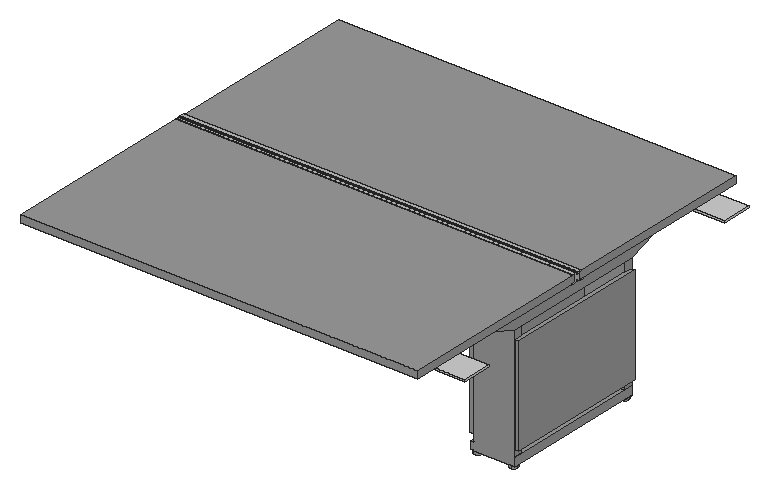
Revit family "Haworth_Epure_Benches_withColumnLegs_DoubleIntermediaryModule_EU_PRELIMINARY", category Furniture, Revit 2019
Family settings
  OmniClass Number = 23.40.70.14.64.11
  OmniClass Title = Office Furniture
  Work Plane-Based = No
  Always vertical = Yes
  Cut with Voids When Loaded = No
  Shared = No
  Room Calculation Point = No
Parameters (values of type "200 x 200")
  Worksurface Width = "120, 140, 160, 180, 200 cm"  # constant formula
  Worksurface Depth = "160, 180, 200 cm"  # constant formula
  Warranty = "http://www.haworth.com/resources/product-info/warranties"
  Void Depth = if(Rectangle, 0 cm, 3 cm)  # 0 cm
  URL - Product = "https://www.haworth.com/eu/en/products/office-desks/epure-01.html"
  Type Comments = ""
  URL = "https://www.haworth.com/eu/en.html"
  Trim Finish = Haworth _ Metal _ Structured White EC
  Top Finish [instance] = Haworth _ Laminate _ Undecided _ Tables
  Size = "Verify Final Dim.w/ Haworth"  # constant formula
  Scallop = not(Rectangle)  # no
  Round Cable Outlet = no
  Revision Number = "1"  # constant formula
  Rectangle = yes
  No Accessory Kit = not(or(Accessory Kit, Cable Tray Double, Cable Tray Single, Flip Top Cable Outlet, Round Cable Outlet))  # yes
  Model = "EUB4CXXXX"  # constant formula
  Manufacturer = "Haworth"  # constant formula
  Leg Height = Actual Height - 3.5 cm  # 69.5 cm
  Front Finish [instance] = Haworth _ Laminate _ Undecided _ Storage
  Flip Top Finish = Haworth _ Paint _ Metallic Silver
  Flip Top Cable Outlet = no
  Description = "Haworth - Epure - Benches - Bench with Column Leg - Double Intermediary Module"  # constant formula
  Depth = if(Central Rail, Actual Depth / 2 - 1 cm, Actual Depth / 2)  # 99 cm
  Central Rail = yes
  Cable Tray Width = Actual Width - 60 cm  # 140 cm
  Cable Tray Single = no
  Cable Tray Double = no
  Base Finish [instance] = Haworth _ Polymer _ Undecided
  Author = "Haworth (Abd Rahman)"  # constant formula
  Assembly Code = "E2020200"
  Adjustable [instance] = yes
  Actual Width = 200 cm
  Actual Height = 73 cm  # constant formula
  Actual Depth = 200 cm
  Accessory Kit = no
Reference planes (cm)
  plane 1 "Center F/B": y = 17.4526
  plane 2: z = 0
  plane 3 "Center L/R": x = 11.43
  plane 4 "Top": z = 73
  plane 5 "Left": x = -88.57
  plane 6 "Right": x = 111.43
  plane 7 "Back": y = 117.4526
  plane 8 "Front": y = -82.5474
  plane 9: y = 106.4526
  plane 10: y = -71.5474
  plane 11: z = 70.5
  plane 12: z = 69.5
  plane 13: x = -73.57
  plane 14: x = 96.43
Dimensions and locks (cm)
  "Actual Height": plane 4 "Top" to level
  equal spacing: plane 7 "Back", plane 1 "Center F/B", plane 8 "Front"
  "Actual Depth": plane 7 "Back" to plane 8 "Front"
  equal spacing: plane 5 "Left", plane 3 "Center L/R", plane 6 "Right"
  "Actual Width": plane 5 "Left" to plane 6 "Right"
  plane 4 "Top" to plane 11 to plane 12 = 2.5 cm locked, 1 cm locked
  locked: plane 7 "Back" to plane 9 at 11
  locked: plane 8 "Front" to plane 10 at 11
  plane 5 "Left" to plane 13 = 15 cm
  locked: plane 14 to plane 6 "Right" at 15
  aligned and locked: plane 3 "Center L/R" to nested 1
  aligned and locked: plane 12 to nested 1
  aligned and locked: plane 3 "Center L/R" to nested 3
  aligned and locked: nested 2 to plane 13
  aligned and locked: plane 4 "Top" to nested 2
  aligned and locked: nested 3 to plane 4 "Top"
  aligned and locked: nested 1 to plane 8 "Front"
  aligned and locked: nested 5 to plane 3 "Center L/R"
  aligned and locked: nested 5 to plane 7 "Back"
  aligned and locked: nested 5 to plane 12
  aligned and locked: plane 3 "Center L/R" to nested 4
  aligned and locked: nested 4 to plane 1 "Center F/B"
  aligned and locked: nested 4 to plane 12
  aligned and locked: nested 4 to nested 3
  aligned and locked: nested 6 to plane 3 "Center L/R"
  aligned and locked: nested 6 to nested 4
  aligned and locked: plane 4 "Top" to nested 6
  aligned and locked: nested 2 to nested 4
  aligned and locked: nested 7 to nested 4
  aligned and locked: nested 7 to plane 14
  aligned and locked: plane 4 "Top" to nested 7
  aligned and locked: plane 1 "Center F/B" to nested 8
  aligned and locked: nested 9 to nested 4
  aligned and locked: nested 10 to nested 4
  aligned and locked: plane 3 "Center L/R" to nested 9
  aligned and locked: plane 3 "Center L/R" to nested 8
  aligned and locked: plane 3 "Center L/R" to nested 10
  aligned and locked: nested 10 to plane 12
  aligned and locked: nested 9 to plane 12
  aligned and locked: nested 8 to plane 12
  aligned and locked: level to nested 11
  aligned and locked: plane 1 "Center F/B" to nested 11
  aligned and locked: nested 11 to plane 6 "Right"
  aligned and locked: plane 9 to nested 12
  aligned and locked: plane 10 to nested 13
  aligned and locked: plane 6 "Right" to nested 13
  aligned and locked: plane 6 "Right" to nested 12
  aligned and locked: nested 13 to plane 12
  aligned and locked: nested 12 to plane 12
Nested families (cm)
  nested 1: "Haworth_A_Wood_Top_Rectangular-PART" at (170.2444, 38.0136, 0), Top Finish <- "Top Finish", type "A_Wood Top Rectangular - PART"
    with Top Finish Haworth _ Laminate _ Undecided _ Tables, Void Depth 0 cm, Scallop no, Rounded Corners no, Rectangle yes, Actual Width 200 cm, Actual Depth 99 cm
  nested 2: "Haworth_Grommet-PART" at (-57.8841, 38.6626, 20.7768), visible <- "Round Cable Outlet", type "Cable Outlet"
  nested 3: "Haworth-Flip Top" at (9.9813, 28.3193, -7), visible <- "Flip Top Cable Outlet", type "Flip Top - Visio"
    with Actual Width 30 cm, Actual Depth 15 cm
  nested 4: "Haworth_A_Wood_Accessories_CentralRail_PART" at (170.2444, 67.0136, 0.125), visible <- "Central Rail", type "A_Wood Rail - PART"
  nested 5: "Haworth_A_Wood_Top_Rectangular-PART" at (170.2444, -3.1083, 0), Top Finish <- "Top Finish", type "A_Wood Top Rectangular - PART"
    with Top Finish Haworth _ Laminate _ Undecided _ Tables, Void Depth 0 cm, Scallop no, Rounded Corners no, Rectangle yes, Actual Width 200 cm, Actual Depth 99 cm
  nested 6: "Haworth-Flip Top" at (9.9813, 6.586, -7), visible <- "Flip Top Cable Outlet", type "Flip Top - Visio"
    with Actual Width 30 cm, Actual Depth 15 cm
  nested 7: "Haworth_Grommet-PART" at (80.7441, -3.7574, 20.7768) x (-1, 0, 0) z (0, 0, 1), visible <- "Round Cable Outlet", type "Cable Outlet"
  nested 8: "Haworth_Tibas_CableManagement_CableTrayDouble-PART" at (27.1159, 46.6626, 24.8), visible <- "Cable Tray Double", Cable Tray Finish <- "Flip Top Finish", type "Cable Tray Double"
    with Cable Tray Finish Haworth _ Paint _ Metallic Silver, Actual Width 140 cm
  nested 9: "Haworth_Tibas_CableManagement_CableTraySingle-PART" at (27.1159, 34.1626, 21.14), visible <- "Cable Tray Single", Cable Tray Finish <- "Flip Top Finish", type "Cable Tray Single"
    with Cable Tray Finish Haworth _ Paint _ Metallic Silver, Actual Width 140 cm
  nested 10: "Haworth_Tibas_CableManagement_CableTraySingle-PART" at (27.1159, 59.1626, 21.14), visible <- "Cable Tray Single", Cable Tray Finish <- "Flip Top Finish", type "Cable Tray Single"
    with Cable Tray Finish Haworth _ Paint _ Metallic Silver, Actual Width 140 cm
  nested 11: "Haworth_Epure_ColumnLeg_PART" at (121.7484, 65.0392, 0), Leg Finish <- "Base Finish", type "Epure - Column Leg - PART"
    with Leg Finish Haworth _ Polymer _ Undecided
  nested 12: "Haworth_Epure_Accessories_LinkingPlate_PART" at (157.2444, 152.5136, -1), type "Epure Linking Plate - PART"
    with Actual Width 30 cm, Actual Depth 15 cm
  nested 13: "Haworth_Epure_Accessories_LinkingPlate_PART" at (157.2444, -10.4864, -1), type "Epure Linking Plate - PART"
    with Actual Width 30 cm, Actual Depth 15 cm
Definition of nested family "Haworth_A_Wood_Top_Rectangular-PART"
  Parameters (values of type "A_Wood Top Rectangular - PART")
    Warranty = "https://www.haworth.com/resources/product-info/warranties"
    Void Depth = 15 cm
    URL - Product = ""
    Top Finish [instance] = none
    Thickness = 3.5 cm
    Squared Corners = yes
    Scallop = yes
    Rounded Corners = yes
    Rectangle = no
    Model = "Haworth - A_Wood"  # constant formula
    Description = "Haworth - A_Wood - Rectangular - Top - PART"  # constant formula
    URL = ""
    Revision Number = "1"  # constant formula
    Manufacturer = "Haworth"  # constant formula
    Author = "Haworth (Abd Rahman)"  # constant formula
    Assembly Code = "E2020200"
    Actual Width = 120 cm
    Actual Depth = 100 cm
  Reference planes (cm)
    plane 1 "Bottom": z = 0
    plane 2 "Top": z = 73
    plane 3 "Top Bottom": z = 69.5
    plane 4: x = -218.8144
    plane 5 "Right": x = -98.8144
    plane 6: y = -21.0609
    plane 7 "Front": y = -121.0609
    plane 8: x = -158.8144
    plane 9: y = -71.0609
    plane 10: y = -36.0609
    plane 11: x = -194.8144
    plane 12: x = -122.8144
  Forms (cm)
    Extrusion 1, solid, material <- "Top Finish", visible <- "Squared Corners"
      sketch origin (0, 0, 0) x (1, 0, 0) y (0, 1, 0)
        loop
          line (-218.8144, -21.0609) -> (-218.8144, -121.0609) -> (-98.8144, -121.0609) -> (-98.8144, -21.0609) -> (-218.8144, -21.0609)
      from 69.5 to 73
    Extrusion 2, solid, material <- "Top Finish", visible <- "Rounded Corners"
      sketch origin (0, 0, 0) x (1, 0, 0) y (0, 1, 0)
        loop
          arc (-214.8144, -21.0609) -> (-217.6428, -22.2325) -> (-218.8144, -25.0609) r 4
          line (-218.8144, -25.0609) -> (-218.8144, -117.0609)
          arc (-218.8144, -117.0609) -> (-217.6428, -119.8893) -> (-214.8144, -121.0609) r 4
          line (-214.8144, -121.0609) -> (-102.8144, -121.0609)
          arc (-102.8144, -121.0609) -> (-99.9859, -119.8893) -> (-98.8144, -117.0609) r 4
          line (-98.8144, -117.0609) -> (-98.8144, -25.0609)
          arc (-98.8144, -25.0609) -> (-99.9859, -22.2325) -> (-102.8144, -21.0609) r 4
          line (-102.8144, -21.0609) -> (-214.8144, -21.0609)
      from 69.5 to 73
    Extrusion 3, void
      sketch origin (0, 0, 0) x (1, 0, 0) y (0, 1, 0)
        loop
          line (-194.8144, -21.0609) -> (-189.1575, -36.0609) -> (-128.4712, -36.0609) -> (-122.8144, -21.0609) -> (-194.8144, -21.0609)
      from 0 to 182.4895
  Cuts and joins
    Extrusion 3 cuts Extrusion 2
    Extrusion 3 cuts Extrusion 1
  Lines and regions (cm)
    Masking region 1, visible <- "Squared Corners"
      outline origin (0, 0, 0) x (1, 0, 0) y (0, 1, 0)
        loop
          line (-218.8144, -21.0609) -> (-218.8144, -121.0609) -> (-98.8144, -121.0609) -> (-98.8144, -21.0609) -> (-218.8144, -21.0609)
    Masking region 2
      outline origin (0, -0.1905, 0) x (1, 0, 0) y (0, 1, 0)
        loop
          arc (-215.1194, -20.8704) -> (-217.7534, -22.199) -> (-218.8144, -24.9517) r 4.1015
          line (-218.8144, -24.9517) -> (-218.8144, -117.0498)
          arc (-218.8144, -117.0498) -> (-217.6953, -119.7514) -> (-214.9938, -120.8704) r 3.8205
          line (-214.9938, -120.8704) -> (-102.6349, -120.8704)
          arc (-102.6349, -120.8704) -> (-99.9334, -119.7514) -> (-98.8144, -117.0498) r 3.8205
          line (-98.8144, -117.0498) -> (-98.8144, -24.9517)
          arc (-98.8144, -24.9517) -> (-99.8753, -22.199) -> (-102.5093, -20.8704) r 4.1015
          line (-102.5093, -20.8704) -> (-215.1194, -20.8704)
  Dimensions and locks (cm)
    equal spacing: plane 4, plane 8, plane 5 "Right"
    equal spacing: plane 6, plane 9, plane 7 "Front"
    "Actual Depth": plane 7 "Front" to plane 6
    "Actual Width": plane 4 to plane 5 "Right"
    plane 2 "Top" to plane 3 "Top Bottom" = 3.5 cm  (x2)
    "Thickness": plane 2 "Top" to plane 3 "Top Bottom"
    locked: plane 4 to plane 11 at 24
    locked: plane 12 to plane 5 "Right" at 24
    "Void Depth": plane 10 to plane 6
    aligned and locked: Extrusion 1 sketch curve to plane 5 "Right"
    aligned and locked: Extrusion 1 sketch curve to plane 6
    aligned and locked: plane 4 to Extrusion 1 sketch curve
    aligned and locked: Extrusion 1 sketch curve to plane 7 "Front"
    aligned and locked: plane 2 "Top" to Extrusion 1
    aligned and locked: Extrusion 1 to plane 3 "Top Bottom"
    aligned and locked: Masking region 1 sketch curve to plane 5 "Right"
    aligned and locked: Masking region 1 sketch curve to plane 6
    aligned and locked: plane 4 to Masking region 1 sketch curve
    aligned and locked: Masking region 1 sketch curve to plane 7 "Front"
    aligned and locked: plane 6 to Masking region 2
    aligned and locked: plane 5 "Right" to Masking region 2
    aligned and locked: plane 7 "Front" to Extrusion 2
    aligned and locked: plane 7 "Front" to Masking region 2
    aligned and locked: Masking region 2 to plane 4
    aligned and locked: plane 10 to Extrusion 3 sketch curve
    aligned and locked: plane 6 to Extrusion 3 sketch curve
  Automatic sketch dimensions
    Extrusion 2 sketch curve to plane 4 = 0 cm
    plane 7 "Front" to Extrusion 2 sketch curve = 0 cm
    Extrusion 2 sketch curve to plane 6 = 0 cm
    Extrusion 2 sketch curve to plane 5 "Right" = 0 cm
    plane 4 to Extrusion 2 sketch curve = 4 cm  (x2)
    Extrusion 2 sketch curve to plane 5 "Right" = 4 cm  (x2)
    plane 4 to Masking region 2 sketch curve = 0 cm
    Masking region 2 sketch curve to plane 7 "Front" = 0 cm
    Masking region 2 sketch curve to plane 5 "Right" = 0 cm
    Masking region 2 sketch curve to plane 6 = 0 cm
    plane 4 to Masking region 2 sketch curve = 3.6949 cm
    Masking region 2 sketch curve to Masking region 2 sketch curve = 4.1015 cm
    Masking region 2 sketch curve to Masking region 2 sketch curve = 3.8205 cm
    Masking region 2 sketch curve to plane 5 "Right" = 3.8205 cm
    Masking region 2 sketch curve to plane 5 "Right" = 4.1015 cm
    Masking region 2 sketch curve to plane 5 "Right" = 3.6949 cm
    Extrusion 3 sketch curve to plane 11 = 0 cm  (x2)
    Extrusion 3 sketch curve to plane 6 = 0 cm  (x2)
    Extrusion 3 sketch curve to plane 12 = 0 cm  (x2)
    Extrusion 3 sketch curve to plane 11 = 5.6569 cm
    plane 12 to Extrusion 3 sketch curve = 5.6569 cm
Definition of nested family "Haworth_Grommet-PART"
  Parameters (values of type "Cable Outlet")
    Warranty = "http://www.haworth.com/resources/product-info/warranties"
    Vertical = no
    URL = "www.haworth.com"
    Trim Finish = none
    Size = "Verify Final Dim. w/ Haworth"  # constant formula
    Revision Number = "1"  # constant formula
    Model = "X742"  # constant formula
    Manufacturer = "Haworth"  # constant formula
    Horizontal = yes
    Description = "Haworth - Cable Outlet - 25mm"  # constant formula
    Author = "Haworth (Abd Rahman)"  # constant formula
    Assembly Code = "E2020200"
    Actual Width = 9 cm  # constant formula
    Actual Height = 0.2 cm  # constant formula
    Actual Depth = 9 cm  # constant formula
  Reference planes (cm)
    plane 1: z = 52.2232
    plane 2 "Center L/R": x = -15.6859
    plane 3 "Center F/B": y = -29.21
    plane 4 "Top": z = 52.4232
    plane 5 "Back": y = -24.71
    plane 6 "Front": y = -33.71
    plane 7 "Right": x = -11.1859
    plane 8 "Left": x = -20.1859
    plane 9: x = -15.505
  Forms (cm)
    Revolve 1, solid, material <- "Trim Finish", visible <- "Vertical"
      sketch origin (-67.9273, -29.21, 36.6305) x (0, 0, 1) y (1, 0, 0)
        loop
          line (15.6859, 52.4223) -> (11.5684, 52.4223)
          arc (11.5684, 52.4223) -> (11.398, 52.3576) -> (11.2576, 52.2414) r 0.557
          line (11.2576, 52.2414) -> (15.6859, 52.2414) -> (15.6859, 52.4223)
        axis (15.6859, 52.4223) -> (15.6859, 52.2414)
      angle from 0 to 360
    Extrusion 2, void
      sketch origin (-67.9273, 0.0749, 36.6305) x (0, 0, -1) y (0, 1, 0)
        loop
          line (-17.5569, -26.0506) -> (-17.3333, -28.1782)
          arc (-17.3333, -28.1782) -> (-17.1796, -28.323) -> (-16.9822, -28.2479) r 0.1989
          arc (-16.9822, -28.2479) -> (-16.9186, -28.1652) -> (-16.8471, -28.0891) r 1.0616
          arc (-16.8471, -28.0891) -> (-16.3186, -27.7135) -> (-15.6859, -27.5721) r 1.6402
          arc (-15.6859, -27.5721) -> (-15.1781, -27.6415) -> (-14.7164, -27.8643) r 1.6402
          arc (-14.7164, -27.8643) -> (-14.5025, -27.8909) -> (-14.3853, -27.7099) r 0.203
          line (-14.3853, -27.7099) -> (-14.1679, -25.8137)
          arc (-14.1679, -25.8137) -> (-15.8906, -25.5293) -> (-17.5569, -26.0506) r 3.7744
      from 0 to 71.12
    Revolve 3, solid, material <- "Trim Finish", visible <- "Horizontal"
      sketch origin (-0.0331, -29.3081, 0.0151) x (-1, 0, 0) y (0, 0, 1)
        loop
          line (15.6859, 52.408) -> (11.5287, 52.408)
          arc (11.5287, 52.408) -> (11.3569, 52.3343) -> (11.219, 52.208) r 0.5592
          line (11.219, 52.208) -> (15.6859, 52.208) -> (15.6859, 52.408)
        axis (15.6859, 52.408) -> (15.6859, 52.208)
      angle from 0 to 360
    Extrusion 4, void
      sketch origin (-0.0331, -0.0232, 0.0151) x (1, 0, 0) y (0, 1, 0)
        loop
          line (-17.5569, -26.0506) -> (-17.3333, -28.1782)
          arc (-17.3333, -28.1782) -> (-17.1796, -28.323) -> (-16.9822, -28.2479) r 0.1989
          arc (-16.9822, -28.2479) -> (-16.9186, -28.1652) -> (-16.8471, -28.0891) r 1.0616
          arc (-16.8471, -28.0891) -> (-16.3186, -27.7135) -> (-15.6859, -27.5721) r 1.6402
          arc (-15.6859, -27.5721) -> (-15.1781, -27.6415) -> (-14.7164, -27.8643) r 1.6402
          arc (-14.7164, -27.8643) -> (-14.5025, -27.8909) -> (-14.3853, -27.7099) r 0.203
          line (-14.3853, -27.7099) -> (-14.1679, -25.8137)
          arc (-14.1679, -25.8137) -> (-15.8906, -25.5293) -> (-17.5569, -26.0506) r 3.7744
      from 0 to 71.12
  Cuts and joins
    Extrusion 2 cuts Revolve 1
    Extrusion 4 cuts Revolve 3
  Lines and regions (cm)
    Masking region 1
      outline origin (0, 0, 0) x (1, 0, 0) y (0, 1, 0)
        loop
          circle (-15.6859, -29.2849) r 4.4363
        loop
          circle (-15.6859, -29.2849) r 4.0899
        loop
          line (-14.3853, -27.7099) -> (-14.1679, -25.8137)
          arc (-14.1679, -25.8137) -> (-15.8906, -25.5293) -> (-17.5569, -26.0506) r 3.7744
          line (-17.5569, -26.0506) -> (-17.3333, -28.1782)
          arc (-17.3333, -28.1782) -> (-17.1796, -28.323) -> (-16.9822, -28.2479) r 0.1989
          arc (-16.9822, -28.2479) -> (-16.9186, -28.1652) -> (-16.8471, -28.0891) r 1.0616
          arc (-16.8471, -28.0891) -> (-16.3186, -27.7135) -> (-15.6859, -27.5721) r 1.6402
          arc (-15.6859, -27.5721) -> (-15.1781, -27.6415) -> (-14.7164, -27.8643) r 1.6402
          arc (-14.7164, -27.8643) -> (-14.5025, -27.8909) -> (-14.3853, -27.7099) r 0.203
  Dimensions and locks (cm)
    equal spacing: plane 8 "Left", plane 2 "Center L/R", plane 7 "Right"
    "Actual Width": plane 8 "Left" to plane 7 "Right"
    equal spacing: plane 5 "Back", plane 3 "Center F/B", plane 6 "Front"
    "Actual Depth": plane 5 "Back" to plane 6 "Front"
    "Actual Height": plane 4 "Top" to plane 1
    aligned and locked: plane 3 "Center F/B" to cut or joined group of Revolve 1, Extrusion 2  (x2)
    aligned and locked: cut or joined group of Revolve 3, Extrusion 4 to plane 4 "Top"
    aligned and locked: cut or joined group of Revolve 3, Extrusion 4 to plane 1
    aligned and locked: cut or joined group of Revolve 1, Extrusion 2 to plane 2 "Center L/R"
    aligned and locked: plane 9 to cut or joined group of Revolve 1, Extrusion 2
  Automatic sketch dimensions
    Revolve 1 sketch curve to plane 1 = 4.335 cm
    Revolve 1 sketch curve to Revolve 1 sketch curve = 0.3107 cm
    Revolve 1 sketch curve to Revolve 1 sketch curve = 0.1099 cm
    Revolve 1 sketch curve to Revolve 1 sketch curve = 4.0077 cm
    Revolve 1 sketch curve to plane 7 "Right" = 4.8651 cm
    Revolve 1 sketch curve to Revolve 1 sketch curve = 0.3651 cm
    Revolve 1 sketch curve to Revolve 1 sketch curve = 0 cm  (x2)
    Revolve 1 sketch curve to Revolve 1 sketch curve = 0.0195 cm
    Extrusion 2 sketch curve to Extrusion 2 sketch curve = 0 cm  (x2)
    plane 1 to Extrusion 2 sketch curve = 1.9643 cm
    Extrusion 2 sketch curve to Extrusion 2 sketch curve = 0.4161 cm
    Extrusion 2 sketch curve to Extrusion 2 sketch curve = 1.0307 cm
    Extrusion 2 sketch curve to Extrusion 2 sketch curve = 0.4587 cm
    Extrusion 2 sketch curve to Extrusion 2 sketch curve = 0.0242 cm
    Extrusion 2 sketch curve to Extrusion 2 sketch curve = 1.0632 cm
    Extrusion 2 sketch curve to Extrusion 2 sketch curve = 0.203 cm
    Extrusion 2 sketch curve to Extrusion 2 sketch curve = 0.2174 cm
    Extrusion 2 sketch curve to plane 5 "Back" = 4.5096 cm
    Extrusion 2 sketch curve to Extrusion 2 sketch curve = 0.0825 cm
    Extrusion 2 sketch curve to Extrusion 2 sketch curve = 0.3588 cm
    Extrusion 2 sketch curve to Extrusion 2 sketch curve = 0.7253 cm
    Extrusion 2 sketch curve to Extrusion 2 sketch curve = 1.502 cm
    Extrusion 2 sketch curve to Extrusion 2 sketch curve = 0.0031 cm
    Extrusion 2 sketch curve to Extrusion 2 sketch curve = 2.0772 cm
    Extrusion 2 sketch curve to Extrusion 2 sketch curve = 0.1925 cm
    Extrusion 2 sketch curve to Extrusion 2 sketch curve = 0.1586 cm
    Extrusion 2 sketch curve to Extrusion 2 sketch curve = 0.1352 cm
    Extrusion 2 sketch curve to Extrusion 2 sketch curve = 1.0976 cm
    Extrusion 2 sketch curve to Extrusion 2 sketch curve = 0.1281 cm
    Masking region 1 sketch curve to Masking region 1 sketch curve = 0 cm  (x4)
    Masking region 1 sketch curve to plane 2 "Center L/R" = 0 cm  (x2)
    Masking region 1 sketch curve to plane 2 "Center L/R" = 0.4242 cm
    Masking region 1 sketch curve to Masking region 1 sketch curve = 1.0307 cm
    Masking region 1 sketch curve to plane 3 "Center F/B" = 1.0318 cm
    Masking region 1 sketch curve to Masking region 1 sketch curve = 0.1925 cm
    Masking region 1 sketch curve to plane 2 "Center L/R" = 1.871 cm
    plane 3 "Center F/B" to Masking region 1 sketch curve = 0.002 cm
    plane 2 "Center L/R" to Masking region 1 sketch curve = 0.0345 cm
    plane 2 "Center L/R" to Masking region 1 sketch curve = 0.0586 cm
    plane 2 "Center L/R" to Masking region 1 sketch curve = 1.0976 cm
    Masking region 1 sketch curve to Masking region 1 sketch curve = 0.203 cm
    plane 2 "Center L/R" to Masking region 1 sketch curve = 1.518 cm
    plane 3 "Center F/B" to Masking region 1 sketch curve = 0.0749 cm
    Masking region 1 sketch curve to Masking region 1 sketch curve = 0.0096 cm
    Masking region 1 sketch curve to plane 3 "Center F/B" = 0.3569 cm
    Masking region 1 sketch curve to Masking region 1 sketch curve = 0.0504 cm
    Masking region 1 sketch curve to plane 3 "Center F/B" = 1.5001 cm
    Masking region 1 sketch curve to Masking region 1 sketch curve = 0.0031 cm
    Masking region 1 sketch curve to plane 5 "Back" = 1.3406 cm
    Masking region 1 sketch curve to Masking region 1 sketch curve = 0.2938 cm
    Masking region 1 sketch curve to Masking region 1 sketch curve = 0.1586 cm
    Revolve 3 sketch curve to plane 7 "Right" = 0.0663 cm
    Revolve 3 sketch curve to Revolve 3 sketch curve = 0.3096 cm
    Revolve 3 sketch curve to Revolve 3 sketch curve = 0.1316 cm
    Revolve 3 sketch curve to Revolve 3 sketch curve = 4.0256 cm
    Revolve 3 sketch curve to plane 4 "Top" = 0.5434 cm
    Revolve 3 sketch curve to Revolve 3 sketch curve = 0.3434 cm
    Revolve 3 sketch curve to Revolve 3 sketch curve = 0 cm
    Revolve 3 sketch curve to Revolve 3 sketch curve = 0.0151 cm  (x2)
    Extrusion 4 sketch curve to Extrusion 4 sketch curve = 0 cm  (x2)
    Extrusion 4 sketch curve to plane 7 "Right" = 6.4042 cm
    Extrusion 4 sketch curve to Extrusion 4 sketch curve = 0.4161 cm
    Extrusion 4 sketch curve to Extrusion 4 sketch curve = 1.0307 cm
    Extrusion 4 sketch curve to Extrusion 4 sketch curve = 0.4587 cm
    Extrusion 4 sketch curve to Extrusion 4 sketch curve = 0.0242 cm
    Extrusion 4 sketch curve to Extrusion 4 sketch curve = 1.0632 cm
    Extrusion 4 sketch curve to Extrusion 4 sketch curve = 0.203 cm
    Extrusion 4 sketch curve to Extrusion 4 sketch curve = 0.2174 cm
    Extrusion 4 sketch curve to plane 5 "Back" = 4.6077 cm
    Extrusion 4 sketch curve to Extrusion 4 sketch curve = 0.0825 cm
    Extrusion 4 sketch curve to Extrusion 4 sketch curve = 0.3588 cm
    Extrusion 4 sketch curve to Extrusion 4 sketch curve = 0.7253 cm
    Extrusion 4 sketch curve to Extrusion 4 sketch curve = 1.502 cm
    Extrusion 4 sketch curve to Extrusion 4 sketch curve = 0.0031 cm
    Extrusion 4 sketch curve to Extrusion 4 sketch curve = 2.0772 cm
    Extrusion 4 sketch curve to Extrusion 4 sketch curve = 0.1925 cm
    Extrusion 4 sketch curve to Extrusion 4 sketch curve = 0.1586 cm
    Extrusion 4 sketch curve to Extrusion 4 sketch curve = 0.1352 cm
    Extrusion 4 sketch curve to Extrusion 4 sketch curve = 1.0976 cm
    Extrusion 4 sketch curve to Extrusion 4 sketch curve = 0.1281 cm
    radius of Masking region 1 sketch curve = 4.4363 cm
    radius of Masking region 1 sketch curve = 4.0899 cm
Definition of nested family "Haworth-Flip Top"
  Parameters (values of type "Flip Top - Visio")
    Warranty = ""
    URL - Product = ""
    URL = ""
    Sustainability Info = ""
    Size = "Verify Final Dim. w/ Haworth"  # constant formula
    Single Sided = no
    Single Sided Wide = yes
    Revision Number = ""
    OmniClass Number = ""
    Material Options = ""
    Manufacturer = "Haworth"  # constant formula
    LEED Data = ""
    Flip Top Height = 2.5 cm
    Flip Top Finish = none
    Double Sided = no
    Double Sided Wide = no
    Author = "SHAPE Environments, LLC"  # constant formula
    Assembly Code = ""
    Actual Width = 25 cm
    Actual Height = 80 cm
    Actual Depth = 11 cm
  Reference planes (cm)
    plane 1 "Center F/B": y = 0.1333
    plane 2: z = 0
    plane 3 "Center L/R": x = 1.4487
    plane 4 "Back": y = 5.6333
    plane 5 "Right": x = 13.9487
    plane 6 "Front": y = -5.3667
    plane 7 "Left": x = -11.0513
    plane 8 "Table Height": z = 80
    plane 9: z = 77.5
  Forms (cm)
    Extrusion 1, solid, material <- "Flip Top Finish"
      sketch origin (0, 0, 80) x (-1, 0, 0) y (0, -1, 0)
        loop
          line (11.0513, -5.6333) -> (11.0513, 5.3667) -> (-13.9487, 5.3667) -> (-13.9487, -5.6333) -> (11.0513, -5.6333)
      from 0 to 0.3175
    Extrusion 2, solid, material <- "Flip Top Finish"
      sketch origin (0, 0, 80) x (-1, 0, 0) y (0, -1, 0)
        loop
          line (10.7338, -5.1571) -> (10.7338, 4.8904) -> (-13.6312, 4.8904) -> (-13.6312, -5.1571) -> (10.7338, -5.1571)
      from 0 to -2.5
  Cuts and joins
    joined: Extrusion 1, Extrusion 2
  Lines and regions (cm)
    symbolic lines
      curve 1: line (-11.0513, 5.6333, 80) -> (13.9487, 5.6333, 80)
      curve 2: line (-11.0513, -5.3667, 80) -> (-11.0513, 5.6333, 80)
      curve 3: line (13.9487, -5.3667, 80) -> (-11.0513, -5.3667, 80)
      curve 4: line (13.9487, 5.6333, 80) -> (13.9487, -5.3667, 80)
  Dimensions and locks (cm)
    equal spacing: plane 7 "Left", plane 3 "Center L/R", plane 5 "Right"
    "Actual Width": plane 7 "Left" to plane 5 "Right"
    equal spacing: plane 6 "Front", plane 1 "Center F/B", plane 4 "Back"
    "Actual Depth": plane 4 "Back" to plane 6 "Front"
    plane 7 "Left" to Extrusion 2 sketch curve = 0.3175 cm
    plane 4 "Back" to Extrusion 2 sketch curve = 0.4762 cm
    Extrusion 2 sketch curve to plane 5 "Right" = 0.3175 cm
    Extrusion 2 sketch curve to plane 6 "Front" = 0.4763 cm
    "Actual Height": plane 8 "Table Height" to level
    "Flip Top Height": plane 8 "Table Height" to plane 9
    aligned and locked: plane 7 "Left" to Extrusion 1 sketch curve
    aligned and locked: Extrusion 1 sketch curve to plane 4 "Back"
    aligned and locked: plane 6 "Front" to Extrusion 1 sketch curve
    aligned and locked: Extrusion 1 sketch curve to plane 5 "Right"
    aligned and locked: plane 9 to cut or joined group of Extrusion 1, Extrusion 2
  Automatic sketch dimensions
    curve 4 to plane 5 "Right" = 0 cm
    curve 2 to plane 4 "Back" = 0 cm
    curve 2 to plane 7 "Left" = 0 cm
    curve 4 to plane 6 "Front" = 0 cm
Definition of nested family "Haworth_A_Wood_Accessories_CentralRail_PART"
  Parameters (values of type "A_Wood Rail - PART")
    Warranty = "https://www.haworth.com/resources/product-info/warranties"
    URL - Product = ""
    Model = "Haworth - A_Wood"  # constant formula
    Metal Finish = none
    Description = "Haworth - A_Wood - Rail - PART"  # constant formula
    URL = ""
    Revision Number = "1"  # constant formula
    Manufacturer = "Haworth"  # constant formula
    Author = "Haworth (Abd Rahman)"  # constant formula
    Assembly Code = "E2020200"
    Actual Width = 200 cm
    Actual Height = 73 cm  # constant formula
    Actual Depth = 7 cm  # constant formula
  Reference planes (cm)
    plane 1 "Bottom": z = 0
    plane 2 "Top": z = 73.25
    plane 3: x = -258.8144
    plane 4 "Right": x = -58.8144
    plane 5: y = -46.0609
    plane 6 "Front": y = -53.0609
    plane 7: x = -158.8144
    plane 8: y = -49.5609
    plane 9: z = 68.85
  Forms (cm)
    Extrusion 1, solid, material <- "Metal Finish"
      sketch origin (-58.8144, 0, 0) x (0, 1, 0) y (0, 0, 1)
        loop
          line (-48.2875, 69.375) -> (-48.2875, 73.075) -> (-47.0761, 73.075) -> (-46.9836, 73.1675) -> (-47.0661, 73.25) -> (-48.9815, 73.25) -> (-48.9815, 72.9105) -> (-48.6875, 72.8586) -> (-48.6875, 72.575) -> (-49.2325, 72.0725) -> (-49.2325, 70.4825) -> (-49.7174, 70.4825) -> (-49.7174, 72.0494) -> (-50.2875, 72.575) -> (-50.2875, 72.8392) -> (-50.0209, 72.9106) -> (-50.0209, 73.25) -> (-51.893, 73.25) -> (-52.0045, 73.1386) -> (-51.9409, 73.075) -> (-50.6875, 73.075) -> (-50.6875, 69.375) -> (-52.9875, 69.375) -> (-52.9875, 68.975) -> (-52.8875, 68.875) -> (-51.5875, 68.875) -> (-51.4375, 69.075) -> (-50.2375, 69.075) -> (-50.2375, 70.175) -> (-48.7375, 70.175) -> (-48.7375, 69.075) -> (-47.5375, 69.075) -> (-47.3875, 68.875) -> (-46.0875, 68.875) -> (-45.9875, 68.975) -> (-45.9875, 69.375) -> (-48.2875, 69.375)
      from -200 to 0
  Lines and regions (cm)
    symbolic lines, detail levels medium+fine
      curve 1: line (-258.8144, -46.0609, 0) -> (-58.8144, -46.0609, 0)
      curve 2: line (-258.8144, -53.0609, 0) -> (-258.8144, -46.0609, 0)
      curve 3: line (-58.8144, -53.0609, 0) -> (-258.8144, -53.0609, 0)
      curve 4: line (-58.8144, -46.0609, 0) -> (-58.8144, -53.0609, 0)
  Dimensions and locks (cm)
    equal spacing: plane 3, plane 7, plane 4 "Right"
    equal spacing: plane 5, plane 8, plane 6 "Front"
    "Actual Depth": plane 6 "Front" to plane 5
    "Actual Width": plane 3 to plane 4 "Right"
    locked: plane 2 "Top" to plane 9 at 4.4
    aligned and locked: curve 4 to plane 4 "Right"
    aligned and locked: curve 1 to plane 5
    aligned and locked: plane 3 to curve 2
    aligned and locked: curve 3 to plane 6 "Front"
    aligned and locked: Extrusion 1 to plane 3
    aligned and locked: plane 4 "Right" to Extrusion 1
  Automatic sketch dimensions
    Extrusion 1 sketch curve to plane 2 "Top" = 0 cm  (x2)
    plane 9 to Extrusion 1 sketch curve = 0.125 cm  (x2)
    Extrusion 1 sketch curve to plane 8 = 3.4266 cm
    plane 9 to Extrusion 1 sketch curve = 0.025 cm  (x4)
    Extrusion 1 sketch curve to Extrusion 1 sketch curve = 0.1 cm  (x2)
    Extrusion 1 sketch curve to plane 8 = 2.38 cm
    Extrusion 1 sketch curve to Extrusion 1 sketch curve = 1.3 cm  (x2)
    plane 9 to Extrusion 1 sketch curve = 0.225 cm  (x3)
    Extrusion 1 sketch curve to Extrusion 1 sketch curve = 0.15 cm  (x2)
    Extrusion 1 sketch curve to Extrusion 1 sketch curve = 0.75 cm  (x2)
    Extrusion 1 sketch curve to plane 8 = 1.1266 cm
    Extrusion 1 sketch curve to Extrusion 1 sketch curve = 0.4 cm  (x2)
    Extrusion 1 sketch curve to Extrusion 1 sketch curve = 0.45 cm  (x2)
    Extrusion 1 sketch curve to plane 8 = 0.4599 cm
    Extrusion 1 sketch curve to plane 8 = 0.1565 cm
    plane 8 to Extrusion 1 sketch curve = 0.3284 cm
    plane 8 to Extrusion 1 sketch curve = 0.5794 cm
    plane 8 to Extrusion 1 sketch curve = 0.8234 cm
    Extrusion 1 sketch curve to Extrusion 1 sketch curve = 0.294 cm
    plane 9 to Extrusion 1 sketch curve = 0.525 cm  (x2)
    Extrusion 1 sketch curve to plane 2 "Top" = 0.175 cm
    Extrusion 1 sketch curve to Extrusion 1 sketch curve = 1.2114 cm
    Extrusion 1 sketch curve to Extrusion 1 sketch curve = 0.01 cm
    Extrusion 1 sketch curve to plane 2 "Top" = 0.0825 cm
    Extrusion 1 sketch curve to Extrusion 1 sketch curve = 0.8 cm
    Extrusion 1 sketch curve to Extrusion 1 sketch curve = 0.3075 cm
    Extrusion 1 sketch curve to plane 2 "Top" = 1.2006 cm
    Extrusion 1 sketch curve to Extrusion 1 sketch curve = 0.0231 cm
    Extrusion 1 sketch curve to Extrusion 1 sketch curve = 0.5 cm  (x2)
    Extrusion 1 sketch curve to Extrusion 1 sketch curve = 0.2642 cm
    Extrusion 1 sketch curve to Extrusion 1 sketch curve = 0.2836 cm
    Extrusion 1 sketch curve to Extrusion 1 sketch curve = 0.0518 cm
    Extrusion 1 sketch curve to Extrusion 1 sketch curve = 0.0714 cm
    Extrusion 1 sketch curve to plane 2 "Top" = 0.1114 cm
    Extrusion 1 sketch curve to Extrusion 1 sketch curve = 0.0636 cm
    Extrusion 1 sketch curve to Extrusion 1 sketch curve = 0.1114 cm
Definition of nested family "Haworth_Tibas_CableManagement_CableTrayDouble-PART"
  Parameters (values of type "Cable Tray Double")
    Warranty = "http://www.haworth.com/resources/product-info/warranties"
    URL - Product = "https://www.haworth.com/eu/products/tables/desks/tibas"
    URL = "https://www.haworth.com/ap/en.html"
    Size = "Verify Final Dim. w/ Haworth"  # constant formula
    Revision Number = "1"  # constant formula
    Model = "Haworth - Tibas"  # constant formula
    Manufacturer = "Haworth"  # constant formula
    Description = "Haworth - Tibas - Cable Tray Double - PART"  # constant formula
    Cable Tray Finish [instance] = none
    Author = "Haworth (Abd Rahman)"  # constant formula
    Assembly Code = "E2020200"
    Actual Width = 150 cm
    Actual Height = 45 cm
    Actual Depth = 41 cm  # constant formula
  Reference planes (cm)
    plane 1: z = 0
    plane 2 "Center L/R": x = -15.6859
    plane 3 "Center F/B": y = -29.21
    plane 4 "Top": z = 45
    plane 5: z = 34
    plane 6: x = -90.6859
    plane 7: x = 59.3141
    plane 8: y = -8.71
    plane 9: y = -49.71
    plane 10: x = -83.49
    plane 11: x = 52.81
    plane 12: x = -84.93
    plane 13: x = 53.61
    plane 14: x = -90.71
    plane 15: x = 59.39
  Forms (cm)
    Extrusion 1, solid, material <- "Cable Tray Finish"
      sketch origin (-15.6859, 0.375, 0) x (0, 1, 0) y (0, 0, 1)
        loop
          line (-49.0528, 44.58) -> (-45.7535, 44.58) -> (-43.9179, 34.17) -> (-43.7997, 34.1908) -> (-45.6528, 44.7) -> (-49.0528, 44.7) -> (-49.0528, 44.58)
      from -75 to -69.2441
    Extrusion 2, solid, material <- "Cable Tray Finish"
      sketch origin (-15.6859, -58.6009, 0) x (0, -1, 0) y (0, 0, -1)
        loop
          line (-49.0528, -44.58) -> (-49.0528, -44.7) -> (-45.6528, -44.7) -> (-43.7997, -34.1908) -> (-43.9179, -34.17) -> (-45.7535, -44.58) -> (-49.0528, -44.58)
      from -75 to -69.2441
    Extrusion 3, solid, material <- "Cable Tray Finish"
      sketch origin (-15.6859, 0, 0) x (0, 1, 0) y (0, 0, 1)
        loop
          line (-43.8686, 37.2714) -> (-43.3129, 34.12) -> (-14.913, 34.12) -> (-14.3573, 37.2714) -> (-14.4141, 37.3525) -> (-14.4952, 37.2957) -> (-14.5872, 36.7737) -> (-14.5076, 36.7597) -> (-14.9717, 34.19) -> (-43.2542, 34.19) -> (-43.7183, 36.7597) -> (-43.6387, 36.7737) -> (-43.7307, 37.2957) -> (-43.8118, 37.3525) -> (-43.8686, 37.2714)
      from -75 to 75
    Extrusion 4, solid, material <- "Cable Tray Finish"
      sketch origin (-15.6859, 0, 0) x (0, 1, 0) y (0, 0, 1)
        loop
          line (-13.0715, 44) -> (-45.1544, 44) -> (-43.4123, 34.12) -> (-43.4123, 34) -> (-14.8136, 34) -> (-14.8136, 34.12) -> (-13.0715, 44)
      from -75.0241 to -75
    Extrusion 5, solid, material <- "Cable Tray Finish"
      sketch origin (-15.6859, 0.375, 0) x (0, 1, 0) y (0, 0, -1)
        loop
          line (-49.0528, -44.58) -> (-49.0528, -44.7) -> (-45.6528, -44.7) -> (-43.7997, -34.1908) -> (-43.9179, -34.17) -> (-45.7535, -44.58) -> (-49.0528, -44.58)
      from -75 to -69.2959
    Extrusion 6, solid, material <- "Cable Tray Finish"
      sketch origin (-15.6859, -58.795, 0) x (0, -1, 0) y (0, 0, 1)
        loop
          line (-49.0528, 44.58) -> (-45.7535, 44.58) -> (-43.9179, 34.17) -> (-43.7997, 34.1908) -> (-45.6528, 44.7) -> (-49.0528, 44.7) -> (-49.0528, 44.58)
      from -75 to -69.2959
    Extrusion 7, solid, material <- "Cable Tray Finish"
      sketch origin (-15.6859, 0, 0) x (0, 1, 0) y (0, 0, -1)
        loop
          line (-13.0715, -44) -> (-14.8136, -34.12) -> (-14.8136, -34) -> (-43.4123, -34) -> (-43.4123, -34.12) -> (-45.1544, -44) -> (-13.0715, -44)
      from -75.0759 to -75
    Extrusion 8, void
      sketch origin (-15.6859, 0, 0) x (0, 1, 0) y (0, 0, 1)
        loop
          line (-26.7629, 41.7) -> (-31.4629, 41.7)
          arc (-31.4629, 41.7) -> (-31.8165, 41.5536) -> (-31.9629, 41.2) r 0.5
          line (-31.9629, 41.2) -> (-31.9629, 36.5)
          arc (-31.9629, 36.5) -> (-31.8165, 36.1464) -> (-31.4629, 36) r 0.5
          line (-31.4629, 36) -> (-26.7629, 36)
          arc (-26.7629, 36) -> (-26.4094, 36.1464) -> (-26.2629, 36.5) r 0.5
          line (-26.2629, 36.5) -> (-26.2629, 41.2)
          arc (-26.2629, 41.2) -> (-26.4094, 41.5536) -> (-26.7629, 41.7) r 0.5
        loop
          line (-31.7629, 36.5) -> (-31.7228, 36.35) -> (-31.6129, 36.2402) -> (-31.4629, 36.2) -> (-26.7629, 36.2) -> (-26.6129, 36.2402) -> (-26.5031, 36.35) -> (-26.4629, 36.5) -> (-26.4629, 41.2) -> (-26.5031, 41.35) -> (-26.6129, 41.4598) -> (-26.7629, 41.5) -> (-31.4629, 41.5) -> (-31.6129, 41.4598) -> (-31.7228, 41.35) -> (-31.7629, 41.2) -> (-31.7629, 36.5)
      from -256.2987 to 237.088
  Cuts and joins
    Extrusion 8 cuts Extrusion 4
    Extrusion 8 cuts Extrusion 7
    joined: Extrusion 1, Extrusion 2, Extrusion 3, Extrusion 4, Extrusion 5, Extrusion 7
  Lines and regions (cm)
    Masking region 1
      outline origin (0, 0, 0) x (1, 0, 0) y (0, 1, 0)
        loop
          line (-90.6859, -8.71) -> (-90.6859, -49.71) -> (59.3141, -49.71) -> (59.3141, -8.71) -> (-90.6859, -8.71)
  Dimensions and locks (cm)
    "Actual Height": plane 4 "Top" to plane 1
    equal spacing: plane 8, plane 3 "Center F/B", plane 9
    "Actual Depth": plane 8 to plane 9
    equal spacing: plane 6, plane 2 "Center L/R", plane 7
    "Actual Width": plane 6 to plane 7
    "Actual Height": plane 4 "Top" to level
    plane 5 to plane 4 "Top" = 11 cm
    plane 11 to plane 13 to plane 7 to plane 15 = 0.8 cm locked, 5.7041 cm locked, 0.0759 cm locked
    plane 14 to plane 6 to plane 12 to plane 10 = 0.0241 cm locked, 5.7559 cm locked, 1.44 cm locked
    aligned and locked: Masking region 1 sketch curve to plane 8
    aligned and locked: Masking region 1 sketch curve to plane 6
    aligned and locked: Masking region 1 sketch curve to plane 9
    aligned and locked: plane 7 to Masking region 1 sketch curve
    aligned and locked: Extrusion 2 to plane 12
    aligned and locked: plane 6 to Extrusion 2
    aligned and locked: Extrusion 1 to plane 12
    aligned and locked: plane 6 to Extrusion 1
    aligned and locked: plane 14 to Extrusion 4
    aligned and locked: Extrusion 4 to plane 6
    aligned and locked: Extrusion 3 to plane 6
    aligned and locked: Extrusion 3 to plane 7
    aligned and locked: Extrusion 5 to plane 7
    aligned and locked: plane 13 to Extrusion 5
    aligned and locked: plane 13 to Extrusion 6
    aligned and locked: Extrusion 6 to plane 7
    aligned and locked: Extrusion 7 to plane 15
    aligned and locked: plane 7 to Extrusion 7
  Automatic sketch dimensions
    Extrusion 1 sketch curve to plane 4 "Top" = 0.42 cm
    Extrusion 1 sketch curve to plane 9 = 1.0322 cm
    Extrusion 1 sketch curve to Extrusion 1 sketch curve = 3.2993 cm
    Extrusion 1 sketch curve to plane 4 "Top" = 0.3 cm
    Extrusion 1 sketch curve to Extrusion 1 sketch curve = 0.1007 cm
    Extrusion 1 sketch curve to plane 5 = 0.17 cm
    Extrusion 1 sketch curve to plane 9 = 6.1671 cm
    Extrusion 1 sketch curve to plane 5 = 0.1908 cm
    Extrusion 1 sketch curve to Extrusion 1 sketch curve = 0.1182 cm
    plane 8 to Extrusion 2 sketch curve = 0.8381 cm
    plane 4 "Top" to Extrusion 2 sketch curve = 0.42 cm
    Extrusion 2 sketch curve to Extrusion 2 sketch curve = 3.2993 cm
    plane 4 "Top" to Extrusion 2 sketch curve = 0.3 cm
    Extrusion 2 sketch curve to Extrusion 2 sketch curve = 0.1007 cm
    plane 5 to Extrusion 2 sketch curve = 0.17 cm
    plane 8 to Extrusion 2 sketch curve = 5.973 cm
    plane 5 to Extrusion 2 sketch curve = 0.1908 cm
    Extrusion 2 sketch curve to Extrusion 2 sketch curve = 0.1182 cm
    Extrusion 3 sketch curve to plane 9 = 5.8414 cm
    Extrusion 3 sketch curve to Extrusion 3 sketch curve = 0.0568 cm  (x2)
    Extrusion 3 sketch curve to Extrusion 3 sketch curve = 0.0811 cm  (x4)
    Extrusion 3 sketch curve to plane 5 = 2.7597 cm  (x2)
    Extrusion 3 sketch curve to Extrusion 3 sketch curve = 0.1503 cm
    Extrusion 3 sketch curve to plane 5 = 2.7737 cm  (x2)
    Extrusion 3 sketch curve to Extrusion 3 sketch curve = 0.0796 cm  (x2)
    Extrusion 3 sketch curve to plane 5 = 0.12 cm
    Extrusion 3 sketch curve to Extrusion 3 sketch curve = 0.4054 cm
    Extrusion 3 sketch curve to Extrusion 3 sketch curve = 0.0587 cm  (x2)
    Extrusion 3 sketch curve to plane 5 = 0.19 cm
    Extrusion 3 sketch curve to plane 8 = 6.2617 cm
    Extrusion 3 sketch curve to Extrusion 3 sketch curve = 0.3845 cm
    Extrusion 3 sketch curve to Extrusion 3 sketch curve = 0.092 cm
    Extrusion 3 sketch curve to Extrusion 3 sketch curve = 0.5117 cm  (x2)
    Extrusion 3 sketch curve to Extrusion 3 sketch curve = 0.0243 cm  (x2)
    plane 5 to Extrusion 4 sketch curve = 0 cm
    Extrusion 4 sketch curve to plane 4 "Top" = 1 cm
    Extrusion 4 sketch curve to plane 9 = 4.5556 cm
    Extrusion 4 sketch curve to plane 9 = 6.2977 cm
    Extrusion 4 sketch curve to plane 8 = 6.1036 cm
    Extrusion 4 sketch curve to plane 8 = 4.3615 cm
    Extrusion 4 sketch curve to plane 5 = 0.12 cm  (x2)
    Extrusion 5 sketch curve to plane 4 "Top" = 0.42 cm
    Extrusion 5 sketch curve to plane 9 = 1.0322 cm
    Extrusion 5 sketch curve to Extrusion 5 sketch curve = 3.2993 cm
    Extrusion 5 sketch curve to plane 4 "Top" = 0.3 cm
    Extrusion 5 sketch curve to Extrusion 5 sketch curve = 0.1007 cm
    Extrusion 5 sketch curve to plane 5 = 0.17 cm
    Extrusion 5 sketch curve to plane 9 = 6.1671 cm
    Extrusion 5 sketch curve to plane 5 = 0.1908 cm
    Extrusion 5 sketch curve to Extrusion 5 sketch curve = 0.1182 cm
    Extrusion 6 sketch curve to plane 4 "Top" = 0.42 cm
    Extrusion 6 sketch curve to plane 8 = 1.0322 cm
    Extrusion 6 sketch curve to Extrusion 6 sketch curve = 3.2993 cm
    Extrusion 6 sketch curve to plane 4 "Top" = 0.3 cm
    Extrusion 6 sketch curve to Extrusion 6 sketch curve = 0.1007 cm
    Extrusion 6 sketch curve to plane 5 = 0.17 cm
    Extrusion 6 sketch curve to plane 8 = 6.1671 cm
    Extrusion 6 sketch curve to plane 5 = 0.1908 cm
    Extrusion 6 sketch curve to Extrusion 6 sketch curve = 0.1182 cm
    plane 5 to Extrusion 7 sketch curve = 0 cm
    Extrusion 7 sketch curve to plane 4 "Top" = 1 cm
    Extrusion 7 sketch curve to plane 9 = 4.5556 cm
    Extrusion 7 sketch curve to plane 9 = 6.2977 cm
    Extrusion 7 sketch curve to plane 8 = 6.1036 cm
    Extrusion 7 sketch curve to plane 8 = 4.3615 cm
    Extrusion 7 sketch curve to plane 5 = 0.12 cm  (x2)
    plane 3 "Center F/B" to Extrusion 8 sketch curve = 2.7529 cm
    Extrusion 8 sketch curve to Extrusion 8 sketch curve = 0.2 cm  (x3)
    Extrusion 8 sketch curve to Extrusion 8 sketch curve = 0.0402 cm  (x6)
    Extrusion 8 sketch curve to Extrusion 8 sketch curve = 0.1098 cm  (x8)
    Extrusion 8 sketch curve to Extrusion 8 sketch curve = 0.15 cm  (x8)
    Extrusion 8 sketch curve to Extrusion 8 sketch curve = 0 cm  (x6)
    Extrusion 8 sketch curve to plane 3 "Center F/B" = 2.4471 cm  (x2)
    Extrusion 8 sketch curve to plane 5 = 2 cm
    Extrusion 8 sketch curve to plane 4 "Top" = 3.8 cm
Definition of nested family "Haworth_Tibas_CableManagement_CableTraySingle-PART"
  Parameters (values of type "Cable Tray Single")
    Warranty = "http://www.haworth.com/resources/product-info/warranties"
    URL - Product = "https://www.haworth.com/eu/products/tables/desks/tibas"
    URL = "https://www.haworth.com/ap/en.html"
    Size = "Verify Final Dim. w/ Haworth"  # constant formula
    Revision Number = "1"  # constant formula
    Model = "Haworth - Tibas"  # constant formula
    Manufacturer = "Haworth"  # constant formula
    Description = "Haworth - Tibas - Cable Tray Single - PART"  # constant formula
    Cable Tray Finish [instance] = none
    Author = "Haworth (Abd Rahman)"  # constant formula
    Assembly Code = "E2020200"
    Actual Width = 150 cm
    Actual Height = 45 cm
    Actual Depth = 18 cm  # constant formula
  Reference planes (cm)
    plane 1: z = 0
    plane 2 "Center L/R": x = -15.6859
    plane 3 "Center F/B": y = -29.21
    plane 4 "Top": z = 45
    plane 5: z = 34
    plane 6: x = -90.6859
    plane 7: x = 59.3141
    plane 8: y = -20.21
    plane 9: y = -38.21
    plane 10: x = 52.81
    plane 11: x = -84.93
    plane 12: x = 53.61
    plane 13: x = -90.71
    plane 14: x = 59.39
    plane 15: x = -84.0653
    plane 16: y = -21.7421
    plane 17: y = -26.0986
    plane 18: y = -22.5446
    plane 19: y = -25.5427
    plane 20: x = -87.1604
    plane 21: x = -85.8804
    plane 22: x = 55.7885
    plane 23: x = 54.5085
    plane 24: y = -21.7421
    plane 25: y = -26.0986
    plane 26: y = -22.5446
    plane 27: y = -25.5427
  Forms (cm)
    Extrusion 1, solid, material <- "Cable Tray Finish"
      sketch origin (-15.6859, -3.0547, -0.3398) x (0, 1, 0) y (0, 0, 1)
        loop
          line (-37.9529, 44.58) -> (-34.2535, 44.58) -> (-32.4091, 34.1198) -> (-32.2872, 34.1198) -> (-34.1528, 44.7) -> (-37.9529, 44.7) -> (-37.9529, 44.58)
      from -75 to -69.2441
    Extrusion 2, solid, material <- "Cable Tray Finish"
      sketch origin (-15.6859, 0, 0) x (0, 1, 0) y (0, 0, 1)
        loop
          line (-36.3514, 40.1812) -> (-35.2227, 33.78) -> (-22.7227, 33.78) -> (-22.7227, 36.78) -> (-22.7927, 36.85) -> (-22.8627, 36.78) -> (-22.8627, 36.25) -> (-22.7825, 36.25) -> (-22.7927, 33.85) -> (-35.164, 33.85) -> (-36.2022, 39.6694) -> (-36.1215, 39.6836) -> (-36.2135, 40.2056) -> (-36.2946, 40.2623) -> (-36.3514, 40.1812)
      from -75 to 75
    Extrusion 3, solid, material <- "Cable Tray Finish"
      sketch origin (-15.6859, -3.0547, -0.3398) x (0, 1, 0) y (0, 0, -1)
        loop
          line (-37.9529, -44.58) -> (-37.9529, -44.7) -> (-34.1528, -44.7) -> (-32.2872, -34.1198) -> (-32.4091, -34.1198) -> (-34.2535, -44.58) -> (-37.9529, -44.58)
      from -75 to -69.2959
    Extrusion 4, solid, material <- "Cable Tray Finish"
      sketch origin (-15.6859, -58.795, 0) x (0, -1, 0) y (0, 0, 1)
        loop
          line (-33.2523, 48.36) -> (-36.1304, 48.36) -> (-36.2504, 48.24) -> (-36.2504, 33.78) -> (-36.1304, 33.78) -> (-36.1304, 48.24) -> (-33.2523, 48.24) -> (-33.2523, 48.36)
      from -75 to -68.4959
    Extrusion 5, solid, material <- "Cable Tray Finish"
      sketch origin (-15.6859, 0, 0) x (0, 1, 0) y (0, 0, -1)
        loop
          line (-37.0841, -43.66) -> (-22.6646, -43.66) -> (-22.6646, -33.78) -> (-35.342, -33.78) -> (-37.0841, -43.66)
      from -75.0759 to -75
    Extrusion 6, void
      sketch origin (-15.6859, 0, 0) x (0, 1, 0) y (0, 0, 1)
        loop
          line (-26.6379, 41.3562) -> (-31.3379, 41.3562)
          arc (-31.3379, 41.3562) -> (-31.6915, 41.2098) -> (-31.8379, 40.8562) r 0.5
          line (-31.8379, 40.8562) -> (-31.8379, 36.1562)
          arc (-31.8379, 36.1562) -> (-31.6915, 35.8027) -> (-31.3379, 35.6562) r 0.5
          line (-31.3379, 35.6562) -> (-26.6379, 35.6562)
          arc (-26.6379, 35.6562) -> (-26.2844, 35.8027) -> (-26.1379, 36.1562) r 0.5
          line (-26.1379, 36.1562) -> (-26.1379, 40.8562)
          arc (-26.1379, 40.8562) -> (-26.2844, 41.2098) -> (-26.6379, 41.3562) r 0.5
        loop
          line (-31.6379, 36.1563) -> (-31.5978, 36.0062) -> (-31.4879, 35.8964) -> (-31.3379, 35.8563) -> (-26.6379, 35.8563) -> (-26.4879, 35.8964) -> (-26.3781, 36.0062) -> (-26.3379, 36.1563) -> (-26.3379, 40.8563) -> (-26.3781, 41.0062) -> (-26.4879, 41.1161) -> (-26.6379, 41.1562) -> (-31.3379, 41.1562) -> (-31.4879, 41.1161) -> (-31.5978, 41.0062) -> (-31.6379, 40.8563) -> (-31.6379, 36.1563)
      from -256.2987 to 237.088
    Extrusion 7, solid, material <- "Cable Tray Finish"
      sketch origin (-15.6859, -58.795, 0) x (0, -1, 0) y (0, 0, -1)
        loop
          line (-33.2523, -48.36) -> (-33.2523, -48.24) -> (-36.1304, -48.24) -> (-36.1304, -33.78) -> (-36.2504, -33.78) -> (-36.2504, -48.24) -> (-36.1304, -48.36) -> (-33.2523, -48.36)
      from -75 to -68.3794
    Extrusion 8, void
      sketch origin (0, 0, 0) x (1, 0, 0) y (0, 1, 0)
        loop
          arc (-87.1604, -25.2427) -> (-87.0725, -25.4548) -> (-86.8604, -25.5427) r 0.3
          line (-86.8604, -25.5427) -> (-86.1797, -25.5427)
          arc (-86.1797, -25.5427) -> (-85.968, -25.455) -> (-85.8804, -25.2434) r 0.2993
          line (-85.8804, -25.2434) -> (-85.8804, -22.5446) -> (-87.1604, -22.5446) -> (-87.1604, -25.2427)
        loop
          line (-90.71, -21.7421) -> (-90.71, -26.0986) -> (-84.0653, -26.0986) -> (-84.0653, -21.7421) -> (-90.71, -21.7421)
      from 48.24 to 49.3586
    Extrusion 9, void
      sketch origin (-31.3718, 0, 0) x (-1, 0, 0) y (0, -1, 0)
        loop
          line (-87.1604, 25.2427) -> (-87.1604, 22.5446) -> (-85.8804, 22.5446) -> (-85.8804, 25.2434)
          arc (-85.8804, 25.2434) -> (-85.968, 25.455) -> (-86.1797, 25.5427) r 0.2993
          line (-86.1797, 25.5427) -> (-86.8604, 25.5427)
          arc (-86.8604, 25.5427) -> (-87.0725, 25.4548) -> (-87.1604, 25.2427) r 0.3
        loop
          line (-90.7618, 21.7421) -> (-84.1818, 21.7421) -> (-84.1818, 26.0986) -> (-90.7618, 26.0986) -> (-90.7618, 21.7421)
      from 48.24 to 49.3586
    Extrusion 10, solid, material <- "Cable Tray Finish"
      sketch origin (-15.6859, 0, 0) x (0, 1, 0) y (0, 0, 1)
        loop
          line (-37.0841, 43.66) -> (-35.342, 33.78) -> (-22.6646, 33.78) -> (-22.6646, 43.66) -> (-37.0841, 43.66)
      from -75 to -75.0241
  Cuts and joins
    Extrusion 8 cuts Extrusion 1
    Extrusion 8 cuts Extrusion 2
    Extrusion 8 cuts Extrusion 3
    Extrusion 6, Extrusion 8 cuts Extrusion 5
    joined: Extrusion 1, Extrusion 2, Extrusion 3, Extrusion 5
    Extrusion 8, Extrusion 9 cuts Extrusion 7
    Extrusion 9 cuts Extrusion 4
    Extrusion 6 cuts Extrusion 10
  Lines and regions (cm)
    Masking region 1
      outline origin (0, 0, 0) x (1, 0, 0) y (0, 1, 0)
        loop
          line (-90.6859, -20.21) -> (-90.6859, -38.21) -> (59.3141, -38.21) -> (59.3141, -20.21) -> (-90.6859, -20.21)
  Dimensions and locks (cm)
    "Actual Height": plane 4 "Top" to plane 1
    equal spacing: plane 8, plane 3 "Center F/B", plane 9
    "Actual Depth": plane 8 to plane 9
    equal spacing: plane 6, plane 2 "Center L/R", plane 7
    "Actual Width": plane 6 to plane 7
    "Actual Height": plane 4 "Top" to level
    plane 5 to plane 4 "Top" = 11 cm
    plane 10 to plane 12 to plane 7 to plane 14 = 0.8 cm locked, 5.7041 cm locked, 0.0759 cm locked
    plane 13 to plane 6 to plane 11 = 0.0241 cm locked, 5.7559 cm locked
    locked: plane 11 to plane 15 at 0.8647
    plane 20 to plane 21 to plane 11 = 1.28 cm locked, 0.9504 cm locked
    plane 17 to plane 19 to plane 18 to plane 16 to plane 8 = 0.5559 cm locked, 2.9981 cm locked, 0.8025 cm locked, 1.5321 cm locked
    plane 10 to plane 12 to plane 23 to plane 22 = 0.8 cm, 0.8985 cm, 1.28 cm
    plane 8 to plane 24 to plane 26 to plane 27 to plane 25 = 1.5321 cm locked, 0.8025 cm locked, 2.9981 cm locked, 0.5559 cm locked
    aligned and locked: Masking region 1 sketch curve to plane 8
    aligned and locked: Masking region 1 sketch curve to plane 6
    aligned and locked: Masking region 1 sketch curve to plane 9
    aligned and locked: plane 7 to Masking region 1 sketch curve
    aligned and locked: Extrusion 1 to plane 11
    aligned and locked: plane 6 to Extrusion 1
    aligned and locked: Extrusion 2 to plane 6
    aligned and locked: Extrusion 2 to plane 7
    aligned and locked: Extrusion 3 to plane 7
    aligned and locked: plane 12 to Extrusion 3
    aligned and locked: Extrusion 4 to plane 7
    aligned and locked: Extrusion 5 to plane 14
    aligned and locked: plane 7 to Extrusion 5
    aligned and locked: plane 10 to Extrusion 4
    aligned and locked: plane 6 to Extrusion 7
    aligned and locked: plane 15 to Extrusion 7
    aligned and locked: Extrusion 8 sketch curve to plane 13
    aligned and locked: plane 16 to Extrusion 8 sketch curve
    aligned and locked: Extrusion 8 sketch curve to plane 17
    aligned and locked: Extrusion 8 sketch curve to plane 15
    aligned and locked: Extrusion 8 sketch curve to plane 20
    aligned and locked: plane 21 to Extrusion 8 sketch curve
    aligned and locked: Extrusion 8 sketch curve to plane 18
    aligned and locked: plane 19 to Extrusion 8 sketch curve
    aligned and locked: Extrusion 9 sketch curve to plane 22
    aligned and locked: Extrusion 9 sketch curve to plane 23
    aligned and locked: plane 10 to Extrusion 9 sketch curve
    aligned and locked: Extrusion 9 sketch curve to plane 14
    aligned and locked: plane 25 to Extrusion 9 sketch curve
    aligned and locked: Extrusion 9 sketch curve to plane 24
    aligned and locked: Extrusion 9 sketch curve to plane 27
    aligned and locked: plane 26 to Extrusion 9 sketch curve
    aligned and locked: Extrusion 10 to plane 13
    aligned and locked: Extrusion 10 to plane 6
  Automatic sketch dimensions
    Extrusion 1 sketch curve to plane 4 "Top" = 0.7598 cm
    plane 9 to Extrusion 1 sketch curve = 2.7975 cm
    Extrusion 1 sketch curve to plane 9 = 0.9018 cm
    Extrusion 1 sketch curve to Extrusion 1 sketch curve = 0.1007 cm
    plane 5 to Extrusion 1 sketch curve = 0.22 cm
    Extrusion 1 sketch curve to plane 9 = 2.7462 cm
    Extrusion 1 sketch curve to Extrusion 1 sketch curve = 0.1219 cm
    Extrusion 1 sketch curve to Extrusion 1 sketch curve = 0.12 cm
    Extrusion 2 sketch curve to plane 9 = 1.8586 cm
    Extrusion 2 sketch curve to Extrusion 2 sketch curve = 0.0568 cm  (x2)
    Extrusion 2 sketch curve to Extrusion 2 sketch curve = 0.0811 cm
    Extrusion 2 sketch curve to Extrusion 2 sketch curve = 0.1492 cm
    Extrusion 2 sketch curve to Extrusion 2 sketch curve = 0.0807 cm
    plane 5 to Extrusion 2 sketch curve = 0.22 cm
    Extrusion 2 sketch curve to plane 9 = 2.9873 cm
    plane 5 to Extrusion 2 sketch curve = 0.15 cm
    Extrusion 2 sketch curve to Extrusion 2 sketch curve = 0.0587 cm
    Extrusion 2 sketch curve to plane 8 = 2.6527 cm
    Extrusion 2 sketch curve to Extrusion 2 sketch curve = 0.07 cm  (x4)
    Extrusion 2 sketch curve to Extrusion 2 sketch curve = 0.0802 cm
    Extrusion 2 sketch curve to plane 5 = 2.25 cm
    Extrusion 2 sketch curve to Extrusion 2 sketch curve = 0.53 cm
    Extrusion 2 sketch curve to Extrusion 2 sketch curve = 0 cm
    Extrusion 2 sketch curve to plane 4 "Top" = 5.3306 cm
    Extrusion 2 sketch curve to Extrusion 2 sketch curve = 0.0142 cm
    Extrusion 2 sketch curve to Extrusion 2 sketch curve = 0.5119 cm
    Extrusion 2 sketch curve to Extrusion 2 sketch curve = 0.0243 cm
    Extrusion 3 sketch curve to plane 4 "Top" = 0.7598 cm
    plane 9 to Extrusion 3 sketch curve = 2.7975 cm
    Extrusion 3 sketch curve to plane 9 = 0.9018 cm
    Extrusion 3 sketch curve to Extrusion 3 sketch curve = 0.1007 cm
    plane 5 to Extrusion 3 sketch curve = 0.22 cm
    Extrusion 3 sketch curve to plane 9 = 2.7462 cm
    Extrusion 3 sketch curve to Extrusion 3 sketch curve = 0.1219 cm
    Extrusion 3 sketch curve to Extrusion 3 sketch curve = 0.12 cm
    Extrusion 4 sketch curve to plane 8 = 2.3346 cm
    Extrusion 4 sketch curve to Extrusion 4 sketch curve = 0.12 cm  (x3)
    Extrusion 4 sketch curve to Extrusion 4 sketch curve = 2.8781 cm
    plane 5 to Extrusion 4 sketch curve = 0.22 cm
    plane 4 "Top" to Extrusion 4 sketch curve = 3.24 cm
    Extrusion 4 sketch curve to Extrusion 4 sketch curve = 0 cm
    Extrusion 5 sketch curve to plane 9 = 1.1259 cm
    plane 5 to Extrusion 5 sketch curve = 0.22 cm
    Extrusion 5 sketch curve to plane 9 = 2.868 cm
    Extrusion 5 sketch curve to plane 8 = 2.4546 cm  (x2)
    Extrusion 5 sketch curve to plane 4 "Top" = 1.34 cm
    plane 3 "Center F/B" to Extrusion 6 sketch curve = 2.6279 cm
    Extrusion 6 sketch curve to Extrusion 6 sketch curve = 0.2 cm  (x3)
    Extrusion 6 sketch curve to Extrusion 6 sketch curve = 0.0402 cm  (x6)
    Extrusion 6 sketch curve to Extrusion 6 sketch curve = 0.1098 cm  (x8)
    Extrusion 6 sketch curve to Extrusion 6 sketch curve = 0.15 cm  (x8)
    Extrusion 6 sketch curve to Extrusion 6 sketch curve = 0 cm  (x6)
    Extrusion 6 sketch curve to plane 3 "Center F/B" = 2.5721 cm  (x2)
    Extrusion 6 sketch curve to plane 5 = 1.6562 cm
    Extrusion 6 sketch curve to plane 4 "Top" = 4.1438 cm
    Extrusion 7 sketch curve to plane 8 = 2.3346 cm
    Extrusion 7 sketch curve to Extrusion 7 sketch curve = 0.12 cm  (x2)
    Extrusion 7 sketch curve to Extrusion 7 sketch curve = 0 cm  (x2)
    Extrusion 7 sketch curve to Extrusion 7 sketch curve = 2.8781 cm
